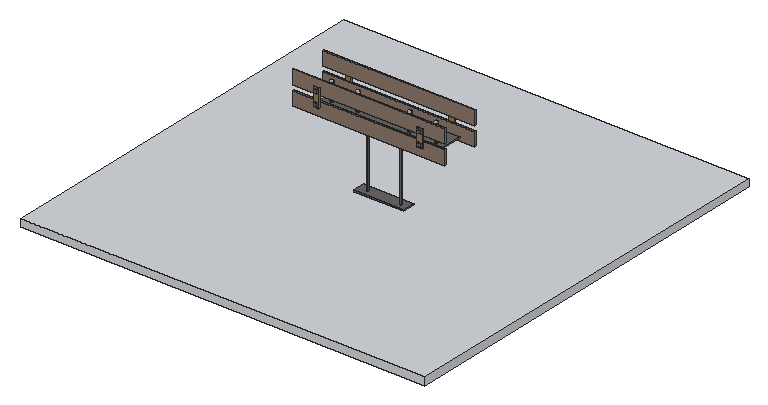
Revit family "P400229-031", category Lighting Fixtures, host Face, Revit 2014
Parameters (values of type "P400229-031")
  Watts = 60 W
  Wattage Comments = "60W"
  Warranty = "1 year Warranty"  # constant formula
  Voltage = 120 V
  URL = "https://www.hubbell.com/progresslighting/en"
  Product Link = "https://www.hubbell.com/progresslighting/en/Products/Lighting-Controls/Residential-Indoor-Lighting/New-Indoor-Products/Hemsworth-Collection-Four-Light-Aged-Oak-Island/p/3980555"
  Product Documentation Link = "https://hubbellcdn.com/specsheet/PROG_P400229-031_spec.pdf"
  Power Factor = 1
  Model = "P400229-031"  # constant formula
  Manufacturer = "Progress Lighting"  # constant formula
  Load Classification = Lighting
  Gold = Hubbell - Gold
  Glass = Paint - Hubbell - White Texture
  Width = 6.00"
  Lamp = "LED or Medium Base"  # constant formula
  Housing Material = Paint - Hubbell - Textured Camera Black
  Fixture distribution = "Direct"  # constant formula
  Features = "Country character is the cornerstone of this light fixture that features a crate-like frame composed of aged oak.\r\nBlack barn-inspired metal details complete this must-have farmhouse design.\r\nCreate an extension of your personality and lifestyle with the rustic charm of this island light.\r\nIdeal for any dining room, kitchen, or foyer.\r\nPerfect for urban industrial, rustic, farmhouse, or coastal settings.\r\nMeasures 36-inch width by 7.87-inch height.\r\nUses four medium base bulbs that are sold separately (60w max - LED or incandescent).\r\nAble to be fully dimmable with dimmable bulbs.\r\nIncludes installation instructions and mounting hardware.\r\nProgress Lighting products are designed for exceptional quality, reliability, and functionality."  # constant formula
  Height = 9.25"
  Wood = Wood Planks
  Description = "Create an extension of your personality and lifestyle with the rustic charm of this island light. Country character is the cornerstone of this light fixture that features a crate-like frame composed of aged oak. Black barn-inspired metal details complete this must-have farmhouse design."  # constant formula
  Default Elevation = 48.00"
  Copyright = " ©2020 Progress Lighting, a division of Hubbell Lighting, Inc"  # constant formula
  Contact = "https://www.hubbell.com/progresslighting/en/contactUs"
  Connector Description = ""
  Connector = Polycarbonate, Smoke
  Assembly Code = "D5020200"
  Apparent Load = Watts / Power Factor  # 60 VA
Reference planes (in)
  plane 1 "Center (Front/Back)": y = 0
  plane 2: z = 0.5561
  plane 3 "Center (Left/Right)": x = 0
  plane 4: y = -4.625
  plane 5: y = 4.625
  plane 6: z = 30.74847
  plane 7: x = -18
  plane 8: x = 18
  plane 9: z = 15.9461
  plane 10: z = 23.8161
Forms (in)
  Extrusion 1, solid
    sketch origin (0, 0, 0) x (1, 0, 0) y (0, 1, 0)
      loop
        line (-48, 48) -> (-48, -48) -> (48, -48) -> (48, 48) -> (-48, 48)
    from 0.5561 to -1.25
  Extrusion 2, solid, material "Paint - Hubbell - Textured Camera Black" <- "Housing Material"
    sketch origin (-3.25, 0, 0) x (1, 0, 0) y (0, 1, 0)
      loop
        line (-2.875, -1.4375) -> (8.91542, -1.4375) -> (8.91542, 1.5625) -> (-2.875, 1.5625) -> (-2.875, -1.4375)
    from 0.5561 to 0.8061
  Extrusion 3, solid, material "Wood Planks" <- "Wood"
    sketch origin (0, 0, 0) x (1, 0, 0) y (0, 0, 1)
      loop
        line (-18, 23.8161) -> (-18, 20.51999) -> (18, 20.51999) -> (18, 23.8161) -> (-18, 23.8161)
      loop
        line (-18, 15.97388) -> (18, 15.97388) -> (18, 19.26999) -> (-18, 19.26999) -> (-18, 15.97388)
    from 4.31185 to 4.625
  Extrusion 4, solid, material "Wood Planks" <- "Wood"
    sketch origin (0, 0, 0) x (1, 0, 0) y (0, 0, -1)
      loop
        line (-18, -23.8161) -> (18, -23.8161) -> (18, -20.51999) -> (-18, -20.51999) -> (-18, -23.8161)
      loop
        line (-18, -15.97388) -> (-18, -19.26999) -> (18, -19.26999) -> (18, -15.97388) -> (-18, -15.97388)
    from 4.31185 to 4.625
  Extrusion 5, solid, material "Polycarbonate, Smoke" <- "Connector"
    sketch origin (0, 0, 0) x (1, 0, 0) y (0, 0, 1)
      loop
        line (-12.91542, 22.02442) -> (-12.91542, 17.77442) -> (-11.66542, 17.77442) -> (-11.66542, 22.02442) -> (-12.91542, 22.02442)
      loop
        line (12.91542, 22.02442) -> (11.66542, 22.02442) -> (11.66542, 17.77442) -> (12.91542, 17.77442) -> (12.91542, 22.02442)
    from 4.625 to 4.84806
  Extrusion 6, solid, material "Paint - Hubbell - Textured Camera Black" <- "Housing Material"
    sketch origin (0, 0, 0) x (1, 0, 0) y (0, 0, 1)
      loop
        line (-12.66226, 21.68854) -> (-12.66226, 20.93854) -> (-11.91226, 20.93854) -> (-11.91226, 21.68854) -> (-12.66226, 21.68854)
      loop
        line (-12.66226, 18.11031) -> (-11.91226, 18.11031) -> (-11.91226, 18.86031) -> (-12.66226, 18.86031) -> (-12.66226, 18.11031)
      loop
        line (12.66226, 21.68854) -> (11.91226, 21.68854) -> (11.91226, 20.93854) -> (12.66226, 20.93854) -> (12.66226, 21.68854)
      loop
        line (12.66226, 18.11031) -> (12.66226, 18.86031) -> (11.91226, 18.86031) -> (11.91226, 18.11031) -> (12.66226, 18.11031)
    from 4.84806 to 5.11393
  Extrusion 7, solid, material "Polycarbonate, Smoke" <- "Connector"
    sketch origin (0, 0, 0) x (1, 0, 0) y (0, 0, -1)
      loop
        line (-12.91542, -22.02442) -> (-11.66542, -22.02442) -> (-11.66542, -17.77442) -> (-12.91542, -17.77442) -> (-12.91542, -22.02442)
      loop
        line (12.91542, -22.02442) -> (12.91542, -17.77442) -> (11.66542, -17.77442) -> (11.66542, -22.02442) -> (12.91542, -22.02442)
    from 4.625 to 4.84806
  Extrusion 8, solid, material "Paint - Hubbell - Textured Camera Black" <- "Housing Material"
    sketch origin (0, 0, 0) x (1, 0, 0) y (0, 0, -1)
      loop
        line (-12.66226, -21.68854) -> (-11.91226, -21.68854) -> (-11.91226, -20.93854) -> (-12.66226, -20.93854) -> (-12.66226, -21.68854)
      loop
        line (-12.66226, -18.11031) -> (-12.66226, -18.86031) -> (-11.91226, -18.86031) -> (-11.91226, -18.11031) -> (-12.66226, -18.11031)
      loop
        line (12.66226, -21.68854) -> (12.66226, -20.93854) -> (11.91226, -20.93854) -> (11.91226, -21.68854) -> (12.66226, -21.68854)
      loop
        line (12.66226, -18.11031) -> (11.91226, -18.11031) -> (11.91226, -18.86031) -> (12.66226, -18.86031) -> (12.66226, -18.11031)
    from 4.84806 to 5.11393
  Revolve 9, solid, material "Paint - Hubbell - Textured Camera Black" <- "Housing Material"
    sketch origin (-1.625, 0, 37.03641) x (1, 0, 0) y (0, 0, 1)
      loop
        line (14.22096, -20.34826) -> (14.22096, -20.12328)
        arc (14.22096, -20.12328) -> (14.36178, -20.06495) -> (14.4201, -19.92413) r 0.19915
        line (14.4201, -19.92413) -> (14.38569, -19.92413) -> (14.38569, -17.69894) -> (14.30384, -17.69894) -> (14.30384, -17.53731) -> (14.03246, -17.53731) -> (14.03246, -20.34826) -> (14.22096, -20.34826)
      axis (14.03246, -20.34826) -> (14.03246, -17.53731)
    angle from 0 to 360
  Revolve 10, solid, material "Paint - Hubbell - White Texture" <- "Glass"
    sketch origin (-1.625, 0, 41.90925) x (1, 0, 0) y (0, 0, 1)
      loop
        line (14.03246, -22.54731) -> (14.30384, -22.54731)
        arc (14.30384, -22.54731) -> (14.46088, -22.48226) -> (14.52593, -22.32522) r 0.22208
        line (14.52593, -22.32522) -> (14.52593, -20.89716)
        arc (14.52593, -20.89716) -> (14.37892, -20.56134) -> (14.03246, -20.44154) r 0.45707
        line (14.03246, -20.44154) -> (14.03246, -22.54731)
      axis (14.03246, -22.54731) -> (14.03246, -20.44154)
    angle from 0 to 360
  Revolve 11, solid, material "Hubbell - Gold" <- "Gold"
    sketch origin (-1.625, 0, 38.28641) x (1, 0, 0) y (0, 0, 1)
      loop
        line (14.03246, -18.78731) -> (14.18492, -18.78731) -> (14.18492, -18.47069)
        arc (14.18492, -18.47069) -> (14.1355, -18.45022) -> (14.11503, -18.40079) r 0.06989
        arc (14.11503, -18.40079) -> (14.12069, -18.36314) -> (14.13717, -18.32881) r 0.1281
        arc (14.13717, -18.32881) -> (14.13812, -18.31157) -> (14.12333, -18.30267) r 0.01673
        line (14.12333, -18.30267) -> (14.03246, -18.30267) -> (14.03246, -18.78731)
      axis (14.03246, -18.78731) -> (14.03246, -18.30267)
    angle from 0 to 360
  Sweep 12, solid, material "Hubbell - Gold" <- "Gold"
    path origin (-1.625, 0, 42.03641) x (1, 0, 0) y (0, 0, 1)
      loop
        line (14.08455, -22.05601) -> (14.32306, -20.82897)
    profile origin (12.5788, 0, 20.59392) x (-0.981627, 0, 0.190809) y (0, -1, 0)
      loop
        circle (0, 0.00555) r 0.031
  Sweep 13, solid, material "Hubbell - Gold" <- "Gold"
    path origin (19.40503, 12.14169, 42.03641) x (-0.5, -0.866025, 0) y (0, 0, 1)
      loop
        line (14.08455, -22.05601) -> (14.32306, -20.82897)
    profile origin (12.30313, -0.15916, 20.59392) x (0.490814, 0.850114, 0.190809) y (-0.866025, 0.5, 0)
      loop
        circle (0, 0.00555) r 0.031
  Sweep 14, solid, material "Hubbell - Gold" <- "Gold"
    path origin (19.41104, -12.13822, 42.03641) x (-0.5, 0.866025, 0) y (0, 0, 1)
      loop
        line (14.08455, -22.05601) -> (14.32306, -20.82897)
    profile origin (12.30914, 0.16263, 20.59392) x (0.490814, -0.850114, 0.190809) y (0.866025, 0.5, 0)
      loop
        circle (0, 0.00555) r 0.031
  Revolve 15, solid, material "Paint - Hubbell - Textured Camera Black" <- "Housing Material"
    sketch origin (-7.875, 0, 37.03641) x (1, 0, 0) y (0, 0, 1)
      loop
        line (14.22096, -20.34826) -> (14.22096, -20.12328)
        arc (14.22096, -20.12328) -> (14.36178, -20.06495) -> (14.4201, -19.92413) r 0.19915
        line (14.4201, -19.92413) -> (14.38569, -19.92413) -> (14.38569, -17.69894) -> (14.30384, -17.69894) -> (14.30384, -17.53731) -> (14.03246, -17.53731) -> (14.03246, -20.34826) -> (14.22096, -20.34826)
      axis (14.03246, -20.34826) -> (14.03246, -17.53731)
    angle from 0 to 360
  Revolve 16, solid, material "Paint - Hubbell - White Texture" <- "Glass"
    sketch origin (-7.875, 0, 41.90925) x (1, 0, 0) y (0, 0, 1)
      loop
        line (14.03246, -22.54731) -> (14.30384, -22.54731)
        arc (14.30384, -22.54731) -> (14.46088, -22.48226) -> (14.52593, -22.32522) r 0.22208
        line (14.52593, -22.32522) -> (14.52593, -20.89716)
        arc (14.52593, -20.89716) -> (14.37892, -20.56134) -> (14.03246, -20.44154) r 0.45707
        line (14.03246, -20.44154) -> (14.03246, -22.54731)
      axis (14.03246, -22.54731) -> (14.03246, -20.44154)
    angle from 0 to 360
  Revolve 17, solid, material "Hubbell - Gold" <- "Gold"
    sketch origin (-7.875, 0, 38.28641) x (1, 0, 0) y (0, 0, 1)
      loop
        line (14.03246, -18.78731) -> (14.18492, -18.78731) -> (14.18492, -18.47069)
        arc (14.18492, -18.47069) -> (14.1355, -18.45022) -> (14.11503, -18.40079) r 0.06989
        arc (14.11503, -18.40079) -> (14.12069, -18.36314) -> (14.13717, -18.32881) r 0.1281
        arc (14.13717, -18.32881) -> (14.13812, -18.31157) -> (14.12333, -18.30267) r 0.01673
        line (14.12333, -18.30267) -> (14.03246, -18.30267) -> (14.03246, -18.78731)
      axis (14.03246, -18.78731) -> (14.03246, -18.30267)
    angle from 0 to 360
  Sweep 18, solid, material "Hubbell - Gold" <- "Gold"
    path origin (-7.875, 0, 42.03641) x (1, 0, 0) y (0, 0, 1)
      loop
        line (14.08455, -22.05601) -> (14.32306, -20.82897)
    profile origin (6.3288, 0, 20.59392) x (-0.981627, 0, 0.190809) y (0, -1, 0)
      loop
        circle (0, 0.00555) r 0.031
  Sweep 19, solid, material "Hubbell - Gold" <- "Gold"
    path origin (13.15503, 12.14169, 42.03641) x (-0.5, -0.866025, 0) y (0, 0, 1)
      loop
        line (14.08455, -22.05601) -> (14.32306, -20.82897)
    profile origin (6.05313, -0.15916, 20.59392) x (0.490814, 0.850114, 0.190809) y (-0.866025, 0.5, 0)
      loop
        circle (0, 0.00555) r 0.031
  Sweep 20, solid, material "Hubbell - Gold" <- "Gold"
    path origin (13.16104, -12.13822, 42.03641) x (-0.5, 0.866025, 0) y (0, 0, 1)
      loop
        line (14.08455, -22.05601) -> (14.32306, -20.82897)
    profile origin (6.05914, 0.16263, 20.59392) x (0.490814, -0.850114, 0.190809) y (0.866025, 0.5, 0)
      loop
        circle (0, 0.00555) r 0.031
  Revolve 21, solid, material "Paint - Hubbell - Textured Camera Black" <- "Housing Material"
    sketch origin (1.625, 0, 37.03641) x (-1, 0, 0) y (0, 0, -1)
      loop
        line (14.22096, 20.34826) -> (14.03246, 20.34826) -> (14.03246, 17.53731) -> (14.30384, 17.53731) -> (14.30384, 17.69894) -> (14.38569, 17.69894) -> (14.38569, 19.92413) -> (14.4201, 19.92413)
        arc (14.4201, 19.92413) -> (14.36178, 20.06495) -> (14.22096, 20.12328) r 0.19915
        line (14.22096, 20.12328) -> (14.22096, 20.34826)
      axis (14.03246, 20.34826) -> (14.03246, 17.53731)
    angle from 0 to 360
  Revolve 22, solid, material "Paint - Hubbell - White Texture" <- "Glass"
    sketch origin (1.625, 0, 41.90925) x (-1, 0, 0) y (0, 0, -1)
      loop
        line (14.03246, 22.54731) -> (14.03246, 20.44154)
        arc (14.03246, 20.44154) -> (14.37892, 20.56134) -> (14.52593, 20.89716) r 0.45707
        line (14.52593, 20.89716) -> (14.52593, 22.32522)
        arc (14.52593, 22.32522) -> (14.46088, 22.48226) -> (14.30384, 22.54731) r 0.22208
        line (14.30384, 22.54731) -> (14.03246, 22.54731)
      axis (14.03246, 22.54731) -> (14.03246, 20.44154)
    angle from 0 to 360
  Revolve 23, solid, material "Hubbell - Gold" <- "Gold"
    sketch origin (1.625, 0, 38.28641) x (-1, 0, 0) y (0, 0, -1)
      loop
        line (14.03246, 18.78731) -> (14.03246, 18.30267) -> (14.12333, 18.30267)
        arc (14.12333, 18.30267) -> (14.13812, 18.31157) -> (14.13717, 18.32881) r 0.01673
        arc (14.13717, 18.32881) -> (14.12069, 18.36314) -> (14.11503, 18.40079) r 0.1281
        arc (14.11503, 18.40079) -> (14.1355, 18.45022) -> (14.18492, 18.47069) r 0.06989
        line (14.18492, 18.47069) -> (14.18492, 18.78731) -> (14.03246, 18.78731)
      axis (14.03246, 18.78731) -> (14.03246, 18.30267)
    angle from 0 to 360
  Sweep 24, solid, material "Hubbell - Gold" <- "Gold"
    path origin (1.625, 0, 42.03641) x (-1, 0, 0) y (0, 0, -1)
      loop
        line (14.08455, 22.05601) -> (14.32306, 20.82897)
    profile origin (-12.5788, 0, 20.59392) x (-0.981627, 0, -0.190809) y (0, -1, 0)
      loop
        circle (0, 0.00555) r 0.031
  Sweep 25, solid, material "Hubbell - Gold" <- "Gold"
    path origin (-19.40503, 12.14169, 42.03641) x (0.5, -0.866025, 0) y (0, 0, -1)
      loop
        line (14.08455, 22.05601) -> (14.32306, 20.82897)
    profile origin (-12.30313, -0.15916, 20.59392) x (0.490814, -0.850114, -0.190809) y (0.866025, 0.5, 0)
      loop
        circle (0, 0.00555) r 0.031
  Sweep 26, solid, material "Hubbell - Gold" <- "Gold"
    path origin (-19.41104, -12.13822, 42.03641) x (0.5, 0.866025, 0) y (0, 0, -1)
      loop
        line (14.08455, 22.05601) -> (14.32306, 20.82897)
    profile origin (-12.30914, 0.16263, 20.59392) x (0.490814, 0.850114, -0.190809) y (-0.866025, 0.5, 0)
      loop
        circle (0, 0.00555) r 0.031
  Revolve 27, solid, material "Paint - Hubbell - Textured Camera Black" <- "Housing Material"
    sketch origin (7.875, 0, 37.03641) x (-1, 0, 0) y (0, 0, -1)
      loop
        line (14.22096, 20.34826) -> (14.03246, 20.34826) -> (14.03246, 17.53731) -> (14.30384, 17.53731) -> (14.30384, 17.69894) -> (14.38569, 17.69894) -> (14.38569, 19.92413) -> (14.4201, 19.92413)
        arc (14.4201, 19.92413) -> (14.36178, 20.06495) -> (14.22096, 20.12328) r 0.19915
        line (14.22096, 20.12328) -> (14.22096, 20.34826)
      axis (14.03246, 20.34826) -> (14.03246, 17.53731)
    angle from 0 to 360
  Revolve 28, solid, material "Paint - Hubbell - White Texture" <- "Glass"
    sketch origin (7.875, 0, 41.90925) x (-1, 0, 0) y (0, 0, -1)
      loop
        line (14.03246, 22.54731) -> (14.03246, 20.44154)
        arc (14.03246, 20.44154) -> (14.37892, 20.56134) -> (14.52593, 20.89716) r 0.45707
        line (14.52593, 20.89716) -> (14.52593, 22.32522)
        arc (14.52593, 22.32522) -> (14.46088, 22.48226) -> (14.30384, 22.54731) r 0.22208
        line (14.30384, 22.54731) -> (14.03246, 22.54731)
      axis (14.03246, 22.54731) -> (14.03246, 20.44154)
    angle from 0 to 360
  Revolve 29, solid, material "Hubbell - Gold" <- "Gold"
    sketch origin (7.875, 0, 38.28641) x (-1, 0, 0) y (0, 0, -1)
      loop
        line (14.03246, 18.78731) -> (14.03246, 18.30267) -> (14.12333, 18.30267)
        arc (14.12333, 18.30267) -> (14.13812, 18.31157) -> (14.13717, 18.32881) r 0.01673
        arc (14.13717, 18.32881) -> (14.12069, 18.36314) -> (14.11503, 18.40079) r 0.1281
        arc (14.11503, 18.40079) -> (14.1355, 18.45022) -> (14.18492, 18.47069) r 0.06989
        line (14.18492, 18.47069) -> (14.18492, 18.78731) -> (14.03246, 18.78731)
      axis (14.03246, 18.78731) -> (14.03246, 18.30267)
    angle from 0 to 360
  Sweep 30, solid, material "Hubbell - Gold" <- "Gold"
    path origin (7.875, 0, 42.03641) x (-1, 0, 0) y (0, 0, -1)
      loop
        line (14.08455, 22.05601) -> (14.32306, 20.82897)
    profile origin (-6.3288, 0, 20.59392) x (-0.981627, 0, -0.190809) y (0, -1, 0)
      loop
        circle (0, 0.00555) r 0.031
  Sweep 31, solid, material "Hubbell - Gold" <- "Gold"
    path origin (-13.15503, 12.14169, 42.03641) x (0.5, -0.866025, 0) y (0, 0, -1)
      loop
        line (14.08455, 22.05601) -> (14.32306, 20.82897)
    profile origin (-6.05313, -0.15916, 20.59392) x (0.490814, -0.850114, -0.190809) y (0.866025, 0.5, 0)
      loop
        circle (0, 0.00555) r 0.031
  Sweep 32, solid, material "Hubbell - Gold" <- "Gold"
    path origin (-13.16104, -12.13822, 42.03641) x (0.5, 0.866025, 0) y (0, 0, -1)
      loop
        line (14.08455, 22.05601) -> (14.32306, 20.82897)
    profile origin (-6.05914, 0.16263, 20.59392) x (0.490814, 0.850114, -0.190809) y (-0.866025, 0.5, 0)
      loop
        circle (0, 0.00555) r 0.031
  Extrusion 33, solid, material "Paint - Hubbell - Textured Camera Black" <- "Housing Material"
    sketch origin (0, 0, 0) x (1, 0, 0) y (0, 1, 0)
      loop
        line (-14.54462, 4.31185) -> (-14.54462, -4.31185) -> (14.45538, -4.31185) -> (14.45538, 4.31185) -> (-14.54462, 4.31185)
    from 16.68815 to 16.91313
  Revolve 34, solid, material "Paint - Hubbell - Textured Camera Black" <- "Housing Material"
    sketch origin (0, 0, 0) x (1, 0, 0) y (0, 0, 1)
      loop
        line (4, 0.8061) -> (4.17565, 0.8061) -> (4.17565, 16.68815) -> (4, 16.68815) -> (4, 0.8061)
      axis (4, 0.8061) -> (4, 16.68815)
    angle from 0 to 360
  Revolve 35, solid, material "Paint - Hubbell - Textured Camera Black" <- "Housing Material"
    sketch origin (0, 0, 0) x (-1, 0, 0) y (0, 0, 1)
      loop
        line (4, 0.8061) -> (4.17565, 0.8061) -> (4.17565, 16.68815) -> (4, 16.68815) -> (4, 0.8061)
      axis (4, 0.8061) -> (4, 16.68815)
    angle from 0 to 360
Dimensions and locks (in)
  equal spacing: plane 4, plane 1 "Center (Front/Back)", plane 5
  "Height": plane 4 to plane 5
  equal spacing: plane 8, plane 3 "Center (Left/Right)", plane 7
  plane 8 to plane 7 = 36.00"
  plane 5 to plane 4 = 9.25"
  aligned and locked: plane 2 to Extrusion 1
Automatic sketch dimensions
  Extrusion 1 sketch curve to Extrusion 1 sketch curve = 96.00"  (x2)
  Extrusion 2 sketch curve to plane 1 "Center (Front/Back)" = 1.5625"
  Extrusion 2 sketch curve to plane 3 "Center (Left/Right)" = 6.125"
  plane 3 "Center (Left/Right)" to Extrusion 2 sketch curve = 5.66542"
  plane 1 "Center (Front/Back)" to Extrusion 2 sketch curve = 1.4375"
  Extrusion 3 sketch curve to plane 7 = 0.00"  (x2)
  Extrusion 3 sketch curve to plane 8 = 0.00"  (x2)
  Extrusion 3 sketch curve to plane 10 = 0.00"
  plane 10 to Extrusion 3 sketch curve = 3.29611"
  Extrusion 3 sketch curve to Extrusion 3 sketch curve = 1.25"
  Extrusion 3 sketch curve to plane 9 = 0.02777"
  Extrusion 4 sketch curve to plane 7 = 0.00"  (x2)
  Extrusion 4 sketch curve to plane 8 = 0.00"  (x2)
  Extrusion 4 sketch curve to plane 10 = 0.00"
  plane 10 to Extrusion 4 sketch curve = 3.29611"
  Extrusion 4 sketch curve to Extrusion 4 sketch curve = 1.25"
  Extrusion 4 sketch curve to plane 9 = 0.02777"
  Extrusion 5 sketch curve to plane 9 = 1.82832"  (x2)
  plane 7 to Extrusion 5 sketch curve = 5.08458"
  Extrusion 5 sketch curve to Extrusion 5 sketch curve = 1.25"  (x2)
  Extrusion 5 sketch curve to plane 8 = 6.33458"
  plane 10 to Extrusion 5 sketch curve = 1.79168"  (x2)
  plane 10 to Extrusion 6 sketch curve = 2.12757"
  plane 7 to Extrusion 6 sketch curve = 5.33774"
  Extrusion 6 sketch curve to Extrusion 6 sketch curve = 0.00"  (x2)
  Extrusion 6 sketch curve to Extrusion 6 sketch curve = 0.75"  (x8)
  Extrusion 6 sketch curve to plane 9 = 2.91421"
  Extrusion 6 sketch curve to plane 8 = 6.08774"
  Extrusion 6 sketch curve to plane 9 = 2.16421"
  Extrusion 6 sketch curve to Extrusion 6 sketch curve = 2.07823"
  Extrusion 7 sketch curve to plane 9 = 1.82832"  (x2)
  plane 7 to Extrusion 7 sketch curve = 5.08458"
  Extrusion 7 sketch curve to Extrusion 7 sketch curve = 1.25"  (x2)
  Extrusion 7 sketch curve to plane 8 = 6.33458"
  plane 10 to Extrusion 7 sketch curve = 1.79168"  (x2)
  plane 10 to Extrusion 8 sketch curve = 2.12757"  (x2)
  plane 7 to Extrusion 8 sketch curve = 5.33774"
  Extrusion 8 sketch curve to Extrusion 8 sketch curve = 0.00"  (x2)
  Extrusion 8 sketch curve to Extrusion 8 sketch curve = 0.75"  (x8)
  Extrusion 8 sketch curve to plane 9 = 2.91421"
  Extrusion 8 sketch curve to plane 8 = 6.08774"
  Extrusion 8 sketch curve to Extrusion 8 sketch curve = 2.07823"
  Revolve 9 sketch curve to plane 9 = 0.74205"
  Revolve 9 sketch curve to plane 8 = 5.59254"
  Revolve 9 sketch curve to Revolve 9 sketch curve = 0.1885"
  Revolve 9 sketch curve to Revolve 9 sketch curve = 0.27138"
  Revolve 9 sketch curve to Revolve 9 sketch curve = 0.16473"
  Revolve 9 sketch curve to Revolve 9 sketch curve = 0.03442"
  Revolve 9 sketch curve to Revolve 9 sketch curve = 0.22498"
  Revolve 9 sketch curve to Revolve 9 sketch curve = 2.22519"
  Revolve 9 sketch curve to Revolve 9 sketch curve = 0.16164"
  Revolve 9 sketch curve to Revolve 9 sketch curve = 0.00"
  Revolve 9 sketch curve to Revolve 9 sketch curve = 0.21416"
  Revolve 9 sketch curve to Revolve 9 sketch curve = 0.97489"
  Revolve 10 sketch curve to plane 8 = 5.59254"
  Revolve 10 sketch curve to Revolve 10 sketch curve = 0.0364"
  Revolve 10 sketch curve to Revolve 10 sketch curve = 0.27138"
  Revolve 10 sketch curve to Revolve 10 sketch curve = 0.45707"
  Revolve 10 sketch curve to plane 9 = 3.41584"
  Revolve 10 sketch curve to Revolve 10 sketch curve = 1.42807"
  Revolve 10 sketch curve to plane 10 = 0.04584"
  Revolve 10 sketch curve to Revolve 10 sketch curve = 0.00"  (x2)
  Revolve 11 sketch curve to plane 8 = 5.59254"
  Revolve 11 sketch curve to Revolve 11 sketch curve = 0.09087"
  Revolve 11 sketch curve to Revolve 11 sketch curve = 0.06159"
  Revolve 11 sketch curve to Revolve 11 sketch curve = 0.0582"
  Revolve 11 sketch curve to plane 9 = 3.553"
  Revolve 11 sketch curve to Revolve 11 sketch curve = 0.31662"
  Revolve 11 sketch curve to Revolve 11 sketch curve = 0.06989"
  Revolve 11 sketch curve to Revolve 11 sketch curve = 0.08139"
  Revolve 11 sketch curve to Revolve 11 sketch curve = 0.01673"
  Revolve 11 sketch curve to Revolve 11 sketch curve = 0.00"  (x3)
  Revolve 11 sketch curve to Revolve 11 sketch curve = 0.65138"
  Sweep 12 sketch curve to plane 8 = 5.54045"
  plane 10 to Sweep 12 sketch curve = 3.8357"
  plane 10 to Sweep 12 sketch curve = 2.60866"
  Sweep 12 sketch curve to Sweep 12 sketch curve = 0.23851"
  Sweep 12 sketch curve to profile plane = 0.00"
  profile plane to Sweep 12 sketch curve = 0.00555"
  plane 10 to Sweep 13 sketch curve = 3.8357"
  plane 10 to Sweep 13 sketch curve = 2.60866"
  Sweep 13 sketch curve to Sweep 13 sketch curve = 0.23851"
  profile plane to Sweep 13 sketch curve = 0.00"
  profile plane to Sweep 13 sketch curve = 0.00555"
  plane 10 to Sweep 14 sketch curve = 3.8357"
  plane 10 to Sweep 14 sketch curve = 2.60866"
  Sweep 14 sketch curve to Sweep 14 sketch curve = 0.23851"
  Sweep 14 sketch curve to profile plane = 0.00"
  profile plane to Sweep 14 sketch curve = 0.00555"
  Revolve 15 sketch curve to plane 9 = 0.74205"
  plane 3 "Center (Left/Right)" to Revolve 15 sketch curve = 6.15746"
  Revolve 15 sketch curve to Revolve 15 sketch curve = 0.1885"
  Revolve 15 sketch curve to Revolve 15 sketch curve = 0.27138"
  Revolve 15 sketch curve to Revolve 15 sketch curve = 0.16473"
  Revolve 15 sketch curve to Revolve 15 sketch curve = 0.03442"
  Revolve 15 sketch curve to Revolve 15 sketch curve = 0.22498"
  Revolve 15 sketch curve to Revolve 15 sketch curve = 2.22519"
  Revolve 15 sketch curve to Revolve 15 sketch curve = 0.16164"
  Revolve 15 sketch curve to Revolve 15 sketch curve = 0.00"
  Revolve 15 sketch curve to Revolve 15 sketch curve = 0.21416"
  Revolve 15 sketch curve to Revolve 15 sketch curve = 0.97489"
  plane 3 "Center (Left/Right)" to Revolve 16 sketch curve = 6.15746"
  Revolve 16 sketch curve to Revolve 16 sketch curve = 0.0364"
  Revolve 16 sketch curve to Revolve 16 sketch curve = 0.27138"
  Revolve 16 sketch curve to Revolve 16 sketch curve = 0.45707"
  Revolve 16 sketch curve to plane 9 = 3.41584"
  Revolve 16 sketch curve to Revolve 16 sketch curve = 1.42807"
  Revolve 16 sketch curve to plane 10 = 0.04584"
  Revolve 16 sketch curve to Revolve 16 sketch curve = 0.00"  (x2)
  plane 3 "Center (Left/Right)" to Revolve 17 sketch curve = 6.15746"
  Revolve 17 sketch curve to Revolve 17 sketch curve = 0.09087"
  Revolve 17 sketch curve to Revolve 17 sketch curve = 0.06159"
  Revolve 17 sketch curve to Revolve 17 sketch curve = 0.0582"
  Revolve 17 sketch curve to plane 9 = 3.553"
  Revolve 17 sketch curve to Revolve 17 sketch curve = 0.31662"
  Revolve 17 sketch curve to Revolve 17 sketch curve = 0.06989"
  Revolve 17 sketch curve to Revolve 17 sketch curve = 0.08139"
  Revolve 17 sketch curve to Revolve 17 sketch curve = 0.01673"
  Revolve 17 sketch curve to Revolve 17 sketch curve = 0.00"  (x3)
  Revolve 17 sketch curve to Revolve 17 sketch curve = 0.65138"
  plane 3 "Center (Left/Right)" to Sweep 18 sketch curve = 6.20955"
  plane 10 to Sweep 18 sketch curve = 3.8357"
  plane 10 to Sweep 18 sketch curve = 2.60866"
  Sweep 18 sketch curve to Sweep 18 sketch curve = 0.23851"
  Sweep 18 sketch curve to profile plane = 0.00"
  profile plane to Sweep 18 sketch curve = 0.00555"
  plane 10 to Sweep 19 sketch curve = 3.8357"
  plane 10 to Sweep 19 sketch curve = 2.60866"
  Sweep 19 sketch curve to Sweep 19 sketch curve = 0.23851"
  profile plane to Sweep 19 sketch curve = 0.00"
  profile plane to Sweep 19 sketch curve = 0.00555"
  plane 10 to Sweep 20 sketch curve = 3.8357"
  plane 10 to Sweep 20 sketch curve = 2.60866"
  Sweep 20 sketch curve to Sweep 20 sketch curve = 0.23851"
  Sweep 20 sketch curve to profile plane = 0.00"
  profile plane to Sweep 20 sketch curve = 0.00555"
  Revolve 21 sketch curve to plane 9 = 0.74205"
  plane 7 to Revolve 21 sketch curve = 5.59254"
  Revolve 21 sketch curve to Revolve 21 sketch curve = 0.1885"
  Revolve 21 sketch curve to Revolve 21 sketch curve = 0.27138"
  Revolve 21 sketch curve to Revolve 21 sketch curve = 0.16473"
  Revolve 21 sketch curve to Revolve 21 sketch curve = 0.03442"
  Revolve 21 sketch curve to Revolve 21 sketch curve = 0.22498"
  Revolve 21 sketch curve to Revolve 21 sketch curve = 2.22519"
  Revolve 21 sketch curve to Revolve 21 sketch curve = 0.16164"
  Revolve 21 sketch curve to Revolve 21 sketch curve = 0.00"
  Revolve 21 sketch curve to Revolve 21 sketch curve = 0.97489"
  Revolve 21 sketch curve to Revolve 21 sketch curve = 0.21416"
  plane 7 to Revolve 22 sketch curve = 5.59254"
  Revolve 22 sketch curve to Revolve 22 sketch curve = 0.0364"
  Revolve 22 sketch curve to Revolve 22 sketch curve = 0.27138"
  Revolve 22 sketch curve to Revolve 22 sketch curve = 0.45707"
  plane 10 to Revolve 22 sketch curve = 2.34839"
  Revolve 22 sketch curve to Revolve 22 sketch curve = 1.42807"
  Revolve 22 sketch curve to plane 10 = 0.04584"
  Revolve 22 sketch curve to Revolve 22 sketch curve = 0.00"  (x2)
  plane 7 to Revolve 23 sketch curve = 5.59254"
  Revolve 23 sketch curve to Revolve 23 sketch curve = 0.09087"
  Revolve 23 sketch curve to Revolve 23 sketch curve = 0.06159"
  Revolve 23 sketch curve to Revolve 23 sketch curve = 0.0582"
  plane 10 to Revolve 23 sketch curve = 3.83236"
  Revolve 23 sketch curve to Revolve 23 sketch curve = 0.01673"
  Revolve 23 sketch curve to Revolve 23 sketch curve = 0.08139"
  Revolve 23 sketch curve to Revolve 23 sketch curve = 0.06989"
  Revolve 23 sketch curve to Revolve 23 sketch curve = 0.31662"
  Revolve 23 sketch curve to Revolve 23 sketch curve = 0.00"  (x3)
  Revolve 23 sketch curve to Revolve 23 sketch curve = 0.65138"
  plane 7 to Sweep 24 sketch curve = 5.54045"
  plane 10 to Sweep 24 sketch curve = 2.60866"
  Sweep 24 sketch curve to Sweep 24 sketch curve = 0.23851"
  Sweep 24 sketch curve to Sweep 24 sketch curve = 1.22703"
  Sweep 24 sketch curve to profile plane = 0.00"
  profile plane to Sweep 24 sketch curve = 0.00555"
  plane 10 to Sweep 25 sketch curve = 3.8357"
  plane 10 to Sweep 25 sketch curve = 2.60866"
  Sweep 25 sketch curve to Sweep 25 sketch curve = 0.23851"
  Sweep 25 sketch curve to profile plane = 0.00"
  profile plane to Sweep 25 sketch curve = 0.00555"
  plane 10 to Sweep 26 sketch curve = 3.8357"
  plane 10 to Sweep 26 sketch curve = 2.60866"
  Sweep 26 sketch curve to Sweep 26 sketch curve = 0.23851"
  profile plane to Sweep 26 sketch curve = 0.00"
  profile plane to Sweep 26 sketch curve = 0.00555"
  Revolve 27 sketch curve to plane 9 = 0.74205"
  Revolve 27 sketch curve to plane 3 "Center (Left/Right)" = 6.15746"
  Revolve 27 sketch curve to Revolve 27 sketch curve = 0.1885"
  Revolve 27 sketch curve to Revolve 27 sketch curve = 0.27138"
  Revolve 27 sketch curve to Revolve 27 sketch curve = 0.16473"
  Revolve 27 sketch curve to Revolve 27 sketch curve = 0.03442"
  Revolve 27 sketch curve to Revolve 27 sketch curve = 0.22498"
  Revolve 27 sketch curve to Revolve 27 sketch curve = 2.22519"
  Revolve 27 sketch curve to Revolve 27 sketch curve = 0.16164"
  Revolve 27 sketch curve to Revolve 27 sketch curve = 0.00"
  Revolve 27 sketch curve to Revolve 27 sketch curve = 0.97489"
  Revolve 27 sketch curve to Revolve 27 sketch curve = 0.21416"
  Revolve 28 sketch curve to plane 3 "Center (Left/Right)" = 6.15746"
  Revolve 28 sketch curve to Revolve 28 sketch curve = 0.0364"
  Revolve 28 sketch curve to Revolve 28 sketch curve = 0.27138"
  Revolve 28 sketch curve to Revolve 28 sketch curve = 0.45707"
  plane 10 to Revolve 28 sketch curve = 2.34839"
  Revolve 28 sketch curve to Revolve 28 sketch curve = 1.42807"
  Revolve 28 sketch curve to plane 10 = 0.04584"
  Revolve 28 sketch curve to Revolve 28 sketch curve = 0.00"  (x2)
  Revolve 29 sketch curve to plane 3 "Center (Left/Right)" = 6.15746"
  Revolve 29 sketch curve to Revolve 29 sketch curve = 0.09087"
  Revolve 29 sketch curve to Revolve 29 sketch curve = 0.06159"
  Revolve 29 sketch curve to Revolve 29 sketch curve = 0.0582"
  plane 10 to Revolve 29 sketch curve = 3.83236"
  Revolve 29 sketch curve to Revolve 29 sketch curve = 0.01673"
  Revolve 29 sketch curve to Revolve 29 sketch curve = 0.08139"
  Revolve 29 sketch curve to Revolve 29 sketch curve = 0.06989"
  Revolve 29 sketch curve to Revolve 29 sketch curve = 0.31662"
  Revolve 29 sketch curve to Revolve 29 sketch curve = 0.00"  (x3)
  Revolve 29 sketch curve to Revolve 29 sketch curve = 0.65138"
  Sweep 30 sketch curve to plane 3 "Center (Left/Right)" = 6.20955"
  plane 10 to Sweep 30 sketch curve = 2.60866"
  Sweep 30 sketch curve to Sweep 30 sketch curve = 0.23851"
  Sweep 30 sketch curve to Sweep 30 sketch curve = 1.22703"
  Sweep 30 sketch curve to profile plane = 0.00"
  profile plane to Sweep 30 sketch curve = 0.00555"
  plane 10 to Sweep 31 sketch curve = 3.8357"
  plane 10 to Sweep 31 sketch curve = 2.60866"
  Sweep 31 sketch curve to Sweep 31 sketch curve = 0.23851"
  Sweep 31 sketch curve to profile plane = 0.00"
  profile plane to Sweep 31 sketch curve = 0.00555"
  plane 10 to Sweep 32 sketch curve = 3.8357"
  plane 10 to Sweep 32 sketch curve = 2.60866"
  Sweep 32 sketch curve to Sweep 32 sketch curve = 0.23851"
  profile plane to Sweep 32 sketch curve = 0.00"
  profile plane to Sweep 32 sketch curve = 0.00555"
  plane 1 "Center (Front/Back)" to Extrusion 33 sketch curve = 4.31185"
  plane 7 to Extrusion 33 sketch curve = 3.45538"
  Extrusion 33 sketch curve to plane 8 = 3.54462"
  Extrusion 33 sketch curve to plane 1 "Center (Front/Back)" = 4.31185"
  plane 2 to Revolve 34 sketch curve = 0.25"
  plane 3 "Center (Left/Right)" to Revolve 34 sketch curve = 4.00"  (x2)
  Revolve 34 sketch curve to Revolve 34 sketch curve = 0.17565"
  Revolve 34 sketch curve to plane 9 = 0.74205"
  Revolve 34 sketch curve to plane 10 = 0.99"
  Revolve 34 sketch curve to Revolve 34 sketch curve = 0.00"
  Revolve 35 sketch curve to plane 2 = 0.25"
  plane 3 "Center (Left/Right)" to Revolve 35 sketch curve = 4.00"  (x2)
  Revolve 35 sketch curve to Revolve 35 sketch curve = 0.17565"
  plane 9 to Revolve 35 sketch curve = 0.74205"
  plane 10 to Revolve 35 sketch curve = 0.99"
  Revolve 35 sketch curve to Revolve 35 sketch curve = 0.00"
  radius of Sweep 12 sketch curve = 0.031"
  radius of Sweep 13 sketch curve = 0.031"
  radius of Sweep 14 sketch curve = 0.031"
  radius of Sweep 18 sketch curve = 0.031"
  radius of Sweep 19 sketch curve = 0.031"
  radius of Sweep 20 sketch curve = 0.031"
  radius of Sweep 24 sketch curve = 0.031"
  radius of Sweep 25 sketch curve = 0.031"
  radius of Sweep 26 sketch curve = 0.031"
  radius of Sweep 30 sketch curve = 0.031"
  radius of Sweep 31 sketch curve = 0.031"
  radius of Sweep 32 sketch curve = 0.031"
Nested families (in)
  nested 1: "Light Source" at (-6, 0.31185, 20.5), type "Light Source"
  nested 2: "Light Source" at (-12.48566, 0.31185, 20.5), type "Light Source"
  nested 3: "Light Source" at (6.50968, 0.31185, 20.5), type "Light Source"
  nested 4: "Light Source" at (12.67112, 0.31185, 20.5), type "Light Source"
Connectors (in)
  electrical at (-0.22979, 0.0625, 0.5561), driven by "Connector Description", driven by "Power Factor", driven by "Apparent Load", driven by "Voltage", driven by "Load Classification"
    settings: on Extrusion 2, index 1, voltage 120 V, apparent load 60 VA, apparent load phase1 0 VA, apparent load phase2 0 VA, apparent load phase3 0 VA, power factor 1, load classification "Lighting", number of poles 1, system type 30, power factor state 1, is connector primary yes, connector utility no, sub classification motor no, connector description ""
Definition of nested family "Light Source"
  Parameters (values of type "Light Source")
    Wattage = 60 W
    built-in parameter 1150110 = 1 (stored number, unit not read)
    built-in parameter 1114217 = 1 (stored number, unit not read)
    Tilt Angle = 60.00°
    built-in parameter 1150109 = 1 (stored number, unit not read)
    built-in parameter 1150134 = 3
    built-in parameter 1150113 = 1 (stored number, unit not read)
    Photometric Web File = "generic"
    built-in parameter 1150142 = (empty or 0)
    built-in parameter 1150105 = 477.46 (stored number, unit not read)
    Lumens = 6000 lm
    built-in parameter 1150115 = 1 (stored number, unit not read)
    built-in parameter 1150137 = (empty or 0)
    built-in parameter 1150139 = (empty or 0)
    built-in parameter 1150112 = 1 (stored number, unit not read)
    built-in parameter 1150114 = 1 (stored number, unit not read)
    built-in parameter 1150132 = (empty or 0)
    built-in parameter 1150102 = (empty or 0)
    built-in parameter 1150107 = 3200 (stored number, unit not read)
    built-in parameter 1150138 = (empty or 0)
    built-in parameter 1150106 = 4.7746 (stored number, unit not read)
    built-in parameter 1150104 = 9.2903 (stored number, unit not read)
    Dimming Lamp Color Temperature Shift = (empty or 0)
    Color Filter = 16777215
    built-in parameter 1114218 = 1 (stored number, unit not read)
    built-in parameter 1150133 = 10 (stored number, unit not read)
  Reference planes (in)
    plane 1 "Center (Front/Back)": y = 0
    plane 2: z = 0
    plane 3 "Center (Left/Right)": x = 0
  Dimensions and locks (in)
    aligned and locked: level to plane 2
